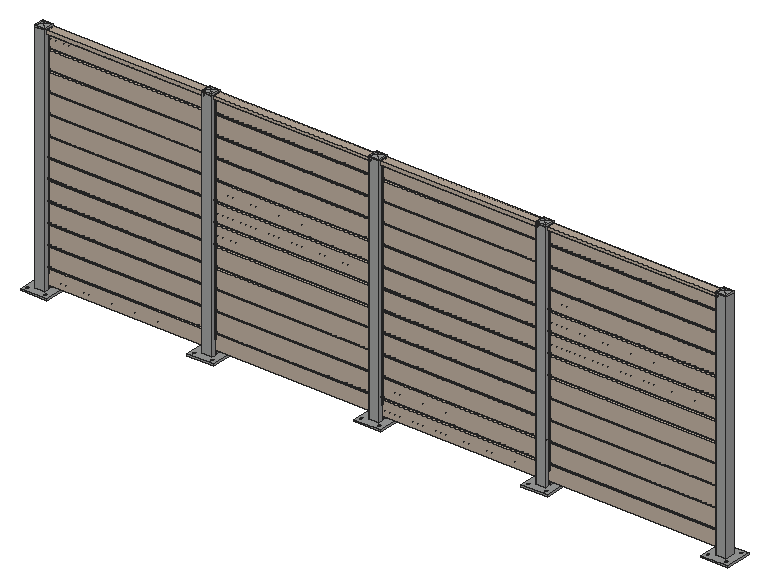
Revit family "Palmshield-Mercury-Solid-Aluminum-Array", category Specialty Equipment, Revit 2025 (continued)
Definition of nested family "Nested-Square_Post-Palmshield-Mercury_Economic-Solid-Vinyl"
  Forms (in)
    Extrusion 4, solid, material <- "Material", visible <- "End Post"
      sketch origin (0, 0, 0) x (1, 0, 0) y (0, 1, 0)
        loop
          line (1.4375, 1.4375) -> (-1.4375, 1.4375) -> (-1.4375, 0.5625) -> (-0.9375, 0.5625) -> (-0.9375, -0.5625) -> (-1.4375, -0.5625) -> (-1.4375, -1.4375) -> (1.4375, -1.4375) -> (1.4375, 1.4375)
      from 0 to 52.86713
    Extrusion 5, void
      sketch origin (0, 0, 0) x (1, 0, 0) y (0, 1, 0)
        loop
          line (-1.5, 1.5) -> (-1.5, -1.5) -> (1.5, -1.5) -> (1.5, 1.5) -> (-1.5, 1.5)
        loop
          line (-2.25, 2.25) -> (-2.25, -2.25) -> (2.25, -2.25) -> (2.25, 2.25) -> (-2.25, 2.25)
      from -0.5 to 4.5
    Extrusion 6, solid, material <- "Material", visible <- "Corner Post Down"
      sketch origin (0, 0, 0) x (1, 0, 0) y (0, 1, 0)
        loop
          line (1.5, -1.5) -> (1.5, 1.5) -> (-1.5, 1.5) -> (-1.5, 0.5625) -> (-2, 0.5625) -> (-2, 0.5) -> (-1, 0.5) -> (-1, -0.5) -> (-2, -0.5) -> (-2, -0.5625) -> (-1.5, -0.5625) -> (-1.5, -1.5) -> (-0.5625, -1.5) -> (-0.5625, -2) -> (-0.5, -2) -> (-0.5, -1) -> (0.5, -1) -> (0.5, -2) -> (0.5625, -2) -> (0.5625, -1.5) -> (1.5, -1.5)
        loop
          line (-1.4375, -1.4375) -> (-0.5625, -1.4375) -> (-0.5625, -0.9375) -> (0.5625, -0.9375) -> (0.5625, -1.4375) -> (1.4375, -1.4375) -> (1.4375, 1.4375) -> (-1.4375, 1.4375) -> (-1.4375, 0.5625) -> (-0.9375, 0.5625) -> (-0.9375, -0.5625) -> (-1.4375, -0.5625) -> (-1.4375, -1.4375)
      from 0 to 52.86713
  Cuts and joins
    Extrusion 5 cuts Extrusion 3
    Extrusion 5 cuts Extrusion 2
    Extrusion 5 cuts Extrusion 4
    Extrusion 5 cuts Extrusion 6
  Lines and regions (in)
    reference lines
      curve 1: line (-3.81017, 0, -0.5) -> (3.68983, 0, -0.5)
      curve 2: line (-3.81017, 0, 4.5) -> (3.68983, 0, 4.5)
  Dimensions and locks (in)
    "Length": plane 4 to plane 2
    locked: plane 4 to plane 5 at 3
    locked: plane 2 to curve 1 at 0.5
    locked: curve 2 to curve 1 at 5
    aligned and locked: plane 2 to Extrusion 1
    aligned and locked: level to Extrusion 1
    aligned and locked: plane 4 to Extrusion 2
    aligned and locked: plane 4 to Extrusion 3
    aligned and locked: plane 4 to Extrusion 4
    aligned and locked: curve 1 to Extrusion 5
    aligned and locked: Extrusion 5 to curve 2
    aligned and locked: plane 4 to Extrusion 6
    aligned and locked: Extrusion 6 to plane 2
  Automatic sketch dimensions
    Extrusion 1 sketch curve to Extrusion 1 sketch curve = 8' - 0"  (x2)
    curve 2 to plane 6 = 0' - 2.31017"
    curve 1 to plane 6 = 0' - 2.31017"
    plane 7 to curve 2 = 0' - 2.18983"
    plane 7 to curve 1 = 0' - 2.18983"
    Extrusion 2 sketch curve to plane 6 = 0' - 0"  (x2)
    Extrusion 2 sketch curve to plane 7 = 0' - 0"  (x2)
    Extrusion 2 sketch curve to plane 9 = 0' - 0"
    Extrusion 2 sketch curve to plane 8 = 0' - 0"
    Extrusion 2 sketch curve to plane 6 = 0' - 0 1/2"  (x2)
    Extrusion 2 sketch curve to Extrusion 2 sketch curve = 0' - 0 1/16"  (x7)
    plane 6 to Extrusion 2 sketch curve = 0' - 0 1/16"
    Extrusion 2 sketch curve to Extrusion 2 sketch curve = 0' - 0 7/16"
    Extrusion 2 sketch curve to plane 7 = 0' - 0 9/16"
    Extrusion 2 sketch curve to plane 7 = 0' - 0 1/16"  (x2)
    plane 7 to Extrusion 2 sketch curve = 0' - 0 1/2"  (x2)
    plane 9 to Extrusion 2 sketch curve = 0' - 0 1/16"
    plane 1 "Center (Front/Back)" to Extrusion 2 sketch curve = 0' - 0 9/16"  (x4)
    Extrusion 2 sketch curve to plane 1 "Center (Front/Back)" = 0' - 0 1/2"  (x2)
    Extrusion 2 sketch curve to Extrusion 2 sketch curve = 0' - 0"  (x2)
    Extrusion 2 sketch curve to plane 8 = 0' - 0 1/16"
    Extrusion 3 sketch curve to plane 6 = 0' - 0"  (x2)
    Extrusion 3 sketch curve to plane 8 = 0' - 0"  (x2)
    Extrusion 3 sketch curve to plane 7 = 0' - 0"
    Extrusion 3 sketch curve to plane 9 = 0' - 0"
    Extrusion 3 sketch curve to plane 6 = 0' - 0 1/2"
    Extrusion 3 sketch curve to Extrusion 3 sketch curve = 0' - 0 1/2"
    plane 6 to Extrusion 3 sketch curve = 0' - 0 1/16"  (x2)
    Extrusion 3 sketch curve to Extrusion 3 sketch curve = 0' - 0 7/16"
    Extrusion 3 sketch curve to Extrusion 3 sketch curve = 0' - 0 1/16"  (x9)
    Extrusion 3 sketch curve to plane 3 "Center (Left/Right)" = 0' - 0 9/16"
    Extrusion 3 sketch curve to Extrusion 3 sketch curve = 0' - 0 3/8"  (x2)
    plane 3 "Center (Left/Right)" to Extrusion 3 sketch curve = 0' - 0 1/2"
    Extrusion 3 sketch curve to plane 8 = 0' - 0 1/16"
    Extrusion 3 sketch curve to plane 7 = 0' - 0 1/16"
    plane 9 to Extrusion 3 sketch curve = 0' - 0 1/16"
    plane 1 "Center (Front/Back)" to Extrusion 3 sketch curve = 0' - 0 9/16"
    Extrusion 3 sketch curve to Extrusion 3 sketch curve = 0' - 0"
    Extrusion 3 sketch curve to plane 1 "Center (Front/Back)" = 0' - 0 1/2"
    plane 8 to Extrusion 3 sketch curve = 0' - 0 1/2"  (x2)
    Extrusion 4 sketch curve to plane 6 = 0' - 0"  (x2)
    Extrusion 4 sketch curve to plane 7 = 0' - 0"
    Extrusion 4 sketch curve to plane 9 = 0' - 0"
    Extrusion 4 sketch curve to plane 8 = 0' - 0"
    Extrusion 4 sketch curve to Extrusion 4 sketch curve = 0' - 0 1/2"
    Extrusion 4 sketch curve to plane 6 = 0' - 0 1/2"
    plane 6 to Extrusion 4 sketch curve = 0' - 0 1/16"  (x2)
    Extrusion 4 sketch curve to Extrusion 4 sketch curve = 0' - 0 7/16"
    Extrusion 4 sketch curve to Extrusion 4 sketch curve = 0' - 0 1/16"  (x3)
    Extrusion 4 sketch curve to plane 7 = 0' - 0 1/16"
    plane 9 to Extrusion 4 sketch curve = 0' - 0 1/16"
    plane 1 "Center (Front/Back)" to Extrusion 4 sketch curve = 0' - 0 9/16"
    Extrusion 4 sketch curve to Extrusion 4 sketch curve = 0' - 0"  (x2)
    Extrusion 4 sketch curve to plane 1 "Center (Front/Back)" = 0' - 0 1/2"
    Extrusion 4 sketch curve to plane 8 = 0' - 0 1/16"
    Extrusion 5 sketch curve to plane 6 = 0' - 0"
    Extrusion 5 sketch curve to plane 7 = 0' - 0"
    Extrusion 5 sketch curve to plane 9 = 0' - 0"
    Extrusion 5 sketch curve to plane 8 = 0' - 0"
    Extrusion 5 sketch curve to plane 6 = 0' - 0 3/4"
    plane 7 to Extrusion 5 sketch curve = 0' - 0 3/4"
    Extrusion 5 sketch curve to plane 9 = 0' - 0 3/4"
    plane 8 to Extrusion 5 sketch curve = 0' - 0 3/4"
    Extrusion 6 sketch curve to plane 6 = 0' - 0"  (x2)
    Extrusion 6 sketch curve to plane 9 = 0' - 0"  (x2)
    Extrusion 6 sketch curve to plane 7 = 0' - 0"
    Extrusion 6 sketch curve to plane 8 = 0' - 0"
    Extrusion 6 sketch curve to plane 6 = 0' - 0 1/2"
    Extrusion 6 sketch curve to Extrusion 6 sketch curve = 0' - 0 1/2"  (x2)
    plane 6 to Extrusion 6 sketch curve = 0' - 0 1/16"  (x2)
    Extrusion 6 sketch curve to Extrusion 6 sketch curve = 0' - 0 7/16"  (x2)
    Extrusion 6 sketch curve to Extrusion 6 sketch curve = 0' - 0 1/16"  (x8)
    Extrusion 6 sketch curve to plane 3 "Center (Left/Right)" = 0' - 0 9/16"
    Extrusion 6 sketch curve to Extrusion 6 sketch curve = 0' - 0 3/8"  (x2)
    plane 3 "Center (Left/Right)" to Extrusion 6 sketch curve = 0' - 0 1/2"
    plane 9 to Extrusion 6 sketch curve = 0' - 0 1/16"  (x2)
    Extrusion 6 sketch curve to plane 7 = 0' - 0 1/16"
    Extrusion 6 sketch curve to plane 9 = 0' - 0 1/2"
    Extrusion 6 sketch curve to Extrusion 6 sketch curve = 0' - 0"
    Extrusion 6 sketch curve to plane 1 "Center (Front/Back)" = 0' - 0 1/2"
    Extrusion 6 sketch curve to plane 8 = 0' - 0 1/16"
Definition of nested family "Screening-Louver-Assembly-Panel-Palmshield-Mercury_Economic-Solid-Aluminum"
  Parameters (values of type "6063 T6 ALUM 6" TONGUE AND GROOVE INFILL")
    Width = 0' - 6"  # constant formula
    Warranty URL = "https://palmshieldlouvers.com/wp-content/uploads/2020/01/PalmSHIELD-Warranty-NO-SIGN-LINE.pdf"
    Version = "2020 - v1.0a"  # constant formula
    URL = "https://palmshieldlouvers.com/"
    Thickness = 0' - 0 15/16"  # constant formula
    Product Page URL = "Contact Manufacturer for More Information"
    Product Documentation Link = "Contact Manufacturer for More Information"
    Model = "Mercury Economic Solid"  # constant formula
    Material [instance] = none
    Manufacturer Phone Number = "531-329-4406 "  # constant formula
    Manufacturer Fax Number = "Consult Manufacturer Website for More Information"  # constant formula
    Manufacturer Email = "mailto: info@palmshieldlouvers.com"
    Manufacturer Address = "12330 Cary Circle, La Vista, NE 68128"  # constant formula
    Manufacturer = "PalmSHIELD"  # constant formula
    Length [instance] = 4' - 4.86713"
    Keynote = "05 10 00"
    Instruction Sheet Link = "Contact Manufacturer for More Information"
    ID [instance] = ""
    Field Cut [instance] = no
    Desired Cut Distance [instance] = 0' - 1 3/4"
    Description = "Mercury Economic Solid - Louvers"  # constant formula
    Default Elevation = 4' - 0"
    Copyright = "Copyright ©2024 The American Fence Company and PalmSHIELD. All Rights Reserved."  # constant formula
    Component Name [instance] = "Mercury Economic Solid - Aluminum - Louvers"  # constant formula
    C Cut Distance [instance] = if(not(Field Cut), 0' 0 3/4", if(Field Cut, (if(Desired Cut Distance < 0' 0 3/4", 0' 0 3/4", if(Desired Cut Distance > 0' 6 3/4", 0' 6 3/4", Desired Cut Distance))), 0' 0 3/4"))  # 0' - 0 3/4"
    Assembly Code = "F1020100"
Definition of nested family "Screening-Louver-Assembly-Post-Palmshield-Mercury_Economic-Solid"
  Parameters (values of type "3" x 3" x 3/4"")
    Width = 0' - 3"  # constant formula
    Warranty URL = "https://palmshieldlouvers.com/wp-content/uploads/2020/01/PalmSHIELD-Warranty-NO-SIGN-LINE.pdf"
    Version = "2020 - v1.0a"  # constant formula
    URL = "https://palmshieldlouvers.com/"
    Thickness = 0' - 0 3/4"  # constant formula
    Product Page URL = "Contact Manufacturer for More Information"
    Product Documentation Link = "Contact Manufacturer for More Information"
    Model = "Mercury Economic Solid"  # constant formula
    Material [instance] = none
    Manufacturer Phone Number = "531-329-4406 "  # constant formula
    Manufacturer Fax Number = "Consult Manufacturer Website for More Information"  # constant formula
    Manufacturer Email = "mailto: info@palmshieldlouvers.com"
    Manufacturer Address = "12330 Cary Circle, La Vista, NE 68128"  # constant formula
    Manufacturer = "PalmSHIELD"  # constant formula
    Keynote = "05 10 00"
    ID [instance] = ""
    Description = "Mercury Economic Solid - Aluminum - Top Cap"  # constant formula
    Default Elevation = 4' - 0"
    Copyright = "©2023 The American Fence Company and PalmSHIELD. All Rights Reserved."  # constant formula
    Component Name [instance] = "Mercury Economic Solid - Aluminum - Top Cap"  # constant formula
    Assembly Code = "F1020100"
